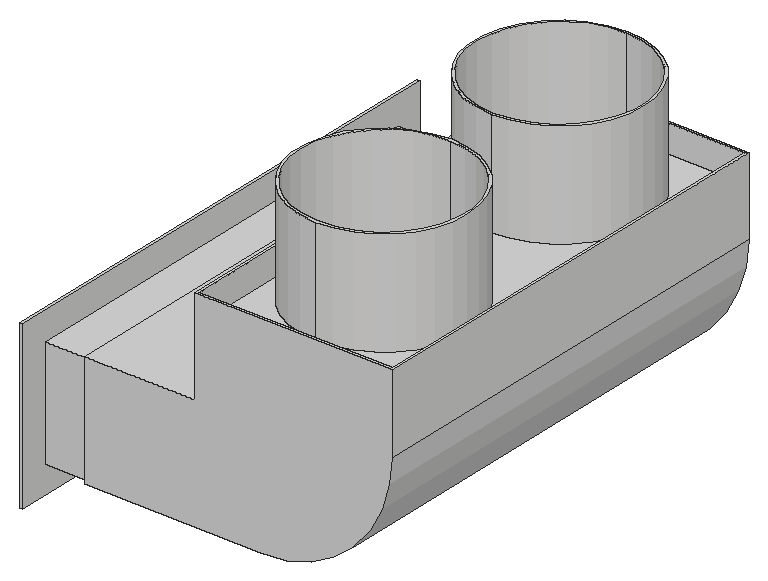
Revit family "CADS_AIRFLOWdev_AirflexPro_Round_90DegWallOutlet_Extract", category Duct Fittings, Revit 2015
Parameters (values of type "CADS_AIRFLOWdev_AirflexPro_Round_90DegWallOutlet_Extract")
  f2 [instance] = Flow - f1  # 0.0 L/s
  f1 [instance] = 0.0 L/s
  WorkingPressure = 3000.0 Pa
  WeeklyMaintenance = "N/A"
  WarrantyStartDate [instance] = "1900-12-31T23:59:164"
  WarrantyPeriod = "0"
  WarrantyIdentifier = "N/A"
  WarrantyGuarantorParts = "info@airflow.com"
  WarrantyGuarantorLabor = "info@airflow.com"
  WarrantyGuarantor = "Airflow Developments Ltd"
  WarrantyEndDate [instance] = "1900-12-31T23:59:164"
  WarrantyContent = "N/A"
  Uniclass2015 = "Pr_30_59_96_92:Ventilation ducts"
  URL = ""
  Type Comments = ""
  TemperatureRange = "up to 40°C"
  TagNumber [instance] = "N/A"
  SustainabilityPerformance = "N/A"
  Status = "New"
  Size = "240-280 x 210 x 140"
  ShippingWeight = 1.08 kg
  Shape = "Rectangular"
  ServiceLifeType = "EXPECTEDSERVICELIFE"
  ServiceLifeDuration = "10"
  SerialNumber [instance] = "N/A"
  SAPApproval = yes
  RunID [instance] = "0"  # constant formula
  ReplacementCost = "79.104"
  Reinforcement = "N/A"
  RedDotDesignAward = no
  QuarterlyMaintenance = "N/A"
  Quantity = 1
  ProductionYear = "2017"
  ProductLiterature = "https://www.airflow.com/pdf/Accessories.pdf#page=3"
  PointOfContact = "Airflow Developments Ltd"
  PassiveHouseApproval = no
  NominalWidth = 210 mm
  NominalLength = 280 mm
  NominalHeight = 140 mm
  NBSCode = "45-80-50/394 Ventilation ducts"
  MonthlyMaintenance = "N/A"
  ModelReference [instance] = "9041144"
  ModelLabel [instance] = "90o wall-outlet 200 x 50mm. For use with 9041175"
  Model = ""
  Material = "Steel"
  ManufacturerWebsite = "www.airflow.com"
  ManufacturerTelephone = "01494 525252"
  ManufacturerE-Mail = "info@airflow.com"
  ManufacturerAddress = "Aidelle House\nLancaster Road\nCressex Business Park\nHigh Wycombe\nBucks\nHP123QP"
  Manufacturer = "Airflow Developments Ltd"
  MaintenanceRequired8001to12000hrs = "N/A"
  MaintenanceRequired601to1000hrs = "N/A"
  MaintenanceRequired4001to8000hrs = "N/A"
  MaintenanceRequired301to600hrs = "N/A"
  MaintenanceRequired2001to4000hrs = "N/A"
  MaintenanceRequired1001to2000hrs = "N/A"
  MaintenanceRequired0to300hrs = "N/A"
  LongitudinalSeam = "None"
  Keynote = ""
  IsExtendedWarranty = no
  InstallationDate [instance] = "1900-12-31T23:59:164"
  ISO90001 = yes
  ISO140001 = yes
  GrossWeight = 0.90 kg
  Grade = "Stainless"
  GlobalTradeItemNumber [instance] = "5019009305783"
  Flow [instance] = 0.0 L/s
  Fitting Type = "Ignore"
  FireControlPanelLinks = no
  Finish = "Lacquer"
  Features = "90o wall-outlet 200 x 50mm. For use with 9041175"
  ExpectedServiceLife = 10
  Exclusions = "N/A"
  DurationUnit = "Year"
  DailyMaintenance = "N/A"
  Constituents = "90o wall-outlet 200 x 50mm. For use with 9041175"
  Color = "Silver"
  CodePerformance = "N/A"
  CEApproval = yes
  BespokeTimeFrameMaintenance = "N/A"
  AssetType = "FIXED"
  AssetIdentifier [instance] = "N/A"
  AssemblyPlace = "UNKNOWN"
  ArticleNumber [instance] = "N/A"
  AnnualMaintenance = "N/A"
  AirflowRateRange = 18.0 L/s
  AdjustCheck [instance] = if(AdjustableLength > 100 mm, 100 mm, AdjustableLength)  # 20 mm
  AdjustableLength [instance] = 20 mm
  CADS_Index = 0
  Body = CADS_AIRFLOWdev_SteelGalvanized
  AccessibilityPerformance = "N/A"
  6MonthlyMaintenance = "Visually inspect system, clean the fan and ducting if necessary"
Types (2, lengths in mm): name | RedDotDesignAward | PassiveHouseApproval | NominalWidth | NominalLength | NominalHeight | IsExtendedWarranty | FireControlPanelLinks
  (no name) | yes | yes | 0 | 0 | 0 | yes | yes
  CADS_AIRFLOWdev_AirflexPro_Round_90DegWallOutlet_Extract | no | no | 210 | 280 | 140 | no | no
Values of the unnamed type that differ from the named types
  WorkingPressure = 0.0 Pa
  WeeklyMaintenance = ""
  WarrantyStartDate = ""
  WarrantyPeriod = ""
  WarrantyIdentifier = ""
  WarrantyGuarantorParts = ""
  WarrantyGuarantorLabor = ""
  WarrantyGuarantor = ""
  WarrantyEndDate = ""
  WarrantyContent = ""
  Uniclass2015 = ""
  TemperatureRange = ""
  TagNumber = ""
  SustainabilityPerformance = ""
  Status = ""
  Size = ""
  ShippingWeight = 0.00 kg
  Shape = ""
  ServiceLifeType = ""
  ServiceLifeDuration = ""
  SerialNumber = ""
  ReplacementCost = ""
  Reinforcement = ""
  QuarterlyMaintenance = ""
  ProductionYear = ""
  ProductLiterature = ""
  PointOfContact = ""
  NBSCode = ""
  MonthlyMaintenance = ""
  ModelReference = ""
  ModelLabel = ""
  Material = ""
  ManufacturerWebsite = ""
  ManufacturerTelephone = ""
  ManufacturerE-Mail = ""
  ManufacturerAddress = ""
  MaintenanceRequired8001to12000hrs = ""
  MaintenanceRequired601to1000hrs = ""
  MaintenanceRequired4001to8000hrs = ""
  MaintenanceRequired301to600hrs = ""
  MaintenanceRequired2001to4000hrs = ""
  MaintenanceRequired1001to2000hrs = ""
  MaintenanceRequired0to300hrs = ""
  LongitudinalSeam = ""
  InstallationDate = ""
  GrossWeight = 0.00 kg
  Grade = ""
  GlobalTradeItemNumber = ""
  Fitting Type = ""
  Finish = ""
  Features = ""
  ExpectedServiceLife = 0
  Exclusions = ""
  DurationUnit = ""
  DailyMaintenance = ""
  Constituents = ""
  Color = ""
  CodePerformance = ""
  BespokeTimeFrameMaintenance = ""
  AssetType = ""
  AssetIdentifier = ""
  AssemblyPlace = ""
  ArticleNumber = ""
  AnnualMaintenance = ""
  AirflowRateRange = 0.0 L/s
  AccessibilityPerformance = ""
  6MonthlyMaintenance = ""
Reference planes
  plane 1 "Center (Front/Back)": y = 0
  plane 2: z = 0
  plane 3 "Center (Left/Right)": x = 1.5
  plane 4: x = 71.5
  plane 5: x = 21.5
  plane 6: z = 56.87
  plane 7: z = -26
  plane 8: z = 26
  plane 9: z = 69.57
  plane 10: x = 116.5
  plane 11: y = 50
  plane 12: y = -50
Forms (mm)
  Sweep 1, solid, material "CADS_AIRFLOWdev_SteelGalvanized" <- "Body"
    path origin (1.5, 0, 0) x (0, -1, 0) y (0, 0, -1)
      loop
        line (-100, -25) -> (100, -25) -> (100, 25) -> (-100, 25) -> (-100, -25)
    profile origin (1.5, 0, 25) x (0, 0, -1) y (1, 0, 0)
      loop
        line (-12.7, 0) -> (1, 0) -> (1, 70) -> (0, 70) -> (0, 1.082) -> (-12.7, 1.082) -> (-12.7, 0)
  Extrusion 2, solid, material "CADS_AIRFLOWdev_SteelGalvanized" <- "Body"
    sketch origin (0, 0, 0) x (1, 0, 0) y (0, 0, 1)
      loop
        line (21.5, 26) -> (21.5, -26) -> (101.5, -26)
        arc (101.5, -26) -> (143.926, -8.426) -> (161.5, 34) r 60
        line (161.5, 34) -> (161.5, 69.57) -> (71.5, 69.57) -> (71.5, 26) -> (21.5, 26)
    from -101 to 101
  Extrusion 3, void
    sketch origin (71.5, 0, 69.57) x (1, 0, 0) y (0, 1, 0)
      loop
        line (89, 100) -> (1, 100) -> (1, -100) -> (89, -100) -> (89, 100)
    from 0 to -12.7
  Extrusion 4, solid, material "CADS_AIRFLOWdev_SteelGalvanized" <- "Body"
    sketch origin (1.5, 159.5, 60.5) x (0, -1, 0) y (1, 0, 0)
      loop
        circle (109.5, 115) r 37.5
      loop
        circle (209.5, 115) r 37.5
      loop
        circle (109.5, 115) r 38.5
      loop
        circle (209.5, 115) r 38.5
    from 0 to 48
Cuts and joins
  Extrusion 3 cuts Extrusion 2
  joined: Extrusion 2, Extrusion 4
Dimensions and locks
  locked: plane 4 to plane 5 at 50
  "AdjustCheck": plane 3 "Center (Left/Right)" to plane 5
  locked: cut or joined group of Extrusion 2, Extrusion 3, Extrusion 4 to cut or joined group of Extrusion 2, Extrusion 3, Extrusion 4 at 90
  locked: plane 4 to plane 10 at 45
  aligned and locked: level to plane 2
  aligned and locked: plane 4 to Sweep 1 sketch curve
  aligned and locked: plane 7 to Extrusion 2 sketch curve
  aligned and locked: plane 5 to Extrusion 2 sketch curve
Automatic sketch dimensions
  plane 7 to Sweep 1 sketch curve = 1 mm
  Sweep 1 sketch curve to plane 1 "Center (Front/Back)" = 100 mm
  plane 1 "Center (Front/Back)" to Sweep 1 sketch curve = 100 mm
  Sweep 1 sketch curve to plane 8 = 1 mm
  Sweep 1 sketch curve to profile plane = 0 mm  (x2)
  profile plane to Sweep 1 sketch curve = 12.7 mm
  Sweep 1 sketch curve to profile plane = 1 mm
  profile plane to Sweep 1 sketch curve = 1.082 mm
  Extrusion 2 sketch curve to plane 4 = 0 mm
  Extrusion 2 sketch curve to plane 9 = 0 mm
  Extrusion 2 sketch curve to plane 8 = 0 mm
  plane 4 to Extrusion 2 sketch curve = 30 mm
  Extrusion 2 sketch curve to Extrusion 2 sketch curve = 60 mm
  Extrusion 3 sketch curve to Extrusion 2 = 1 mm
  Extrusion 2 to Extrusion 3 sketch curve = 1 mm  (x3)
  Extrusion 4 sketch curve to plane 10 = 0 mm  (x2)
  Extrusion 4 sketch curve to plane 11 = 0 mm
  Extrusion 4 sketch curve to plane 12 = 0 mm
  radius of Extrusion 4 sketch curve = 37.5 mm  (x2)
Connectors
  hvac at (1.5, 0, 0), driven by "Flow"
    settings: on Sweep 1, index 3, duct flow 0.0 L/s, flow factor 0, pres drop 0.0 Pa, loss coef 0, conn angle 0.00°, conn width 204 mm, conn height 60 mm, conn diameter 609.6 mm, duct sys type 2, conn prof type 1, flow config 0, flow direction 1, loss method 0, conn ref index -1, conn util no, is conn primary yes, conn desc ""
  hvac at (116.5, 50, 60.5), driven by "f1"
    settings: on cut or joined group of Extrusion 2, Extrusion 3, Extrusion 4, index 4, duct flow 0.0 L/s, flow factor 0, pres drop 0.0 Pa, loss coef 0, conn angle 0.00°, conn width 304.8 mm, conn height 304.8 mm, conn diameter 75 mm, duct sys type 2, conn prof type 0, flow config 0, flow direction 2, loss method 0, conn ref index -1, conn util no, is conn primary no, conn desc ""
  hvac at (116.5, -50, 60.5), driven by "f2"
    settings: on cut or joined group of Extrusion 2, Extrusion 3, Extrusion 4, index 5, duct flow 0.0 L/s, flow factor 0, pres drop 0.0 Pa, loss coef 0, conn angle 0.00°, conn width 304.8 mm, conn height 304.8 mm, conn diameter 75 mm, duct sys type 2, conn prof type 0, flow config 0, flow direction 2, loss method 0, conn ref index -1, conn util no, is conn primary no, conn desc ""
